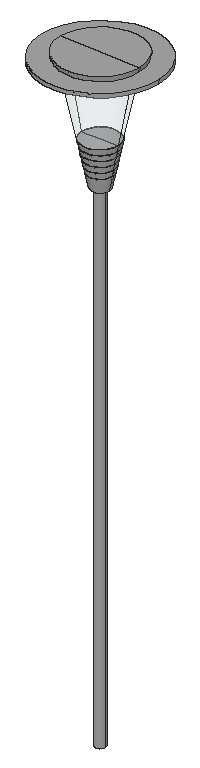
Revit family "Ray 680D-I LED - Generic", category Lighting Fixtures, Revit 2014
Parameters (values of type "Ray 680 D/I LED")
  Wattage Comments = ""
  WarrantyGuarantorParts = "n/a"
  WarrantyDurationParts = "n/a"
  WarrantyDescription = "n/a"
  Visible [instance] = yes
  Version = "v.1.0"
  Uniclass2 = "Pr_70_70_49_43 Light-Emitting Diode (LED) Luminaires"
  Uniclass 1.4 = "JY73"
  URL = "http://riegens.com/ray-680-di-led-0"
  Type Mark = ""
  TotalWattage = "Max. 28W / 41W"
  TagNumber = "n/a"
  Switch ID [instance] = ""
  SustainabilityPerformance = "n/a"
  SupplyCircuitConductorConnections = "n/a"
  Size = "Ø680 mm"
  Shape = "Circle"
  ProductInformation = "http://riegens.com/ray-680-di-led-0"
  PhotometricPerformance = "In accordance with BS EN 13032-1"
  PhaseReference = "IEC recommendations"
  Panel [instance] = ""
  Optic = "Clear front and opal centre diffuser"
  OmniClass Title = "Lighting"
  OmniClass Number = "23.80.70.00"
  Offset from floor = 2900 mm
  NominalVoltage = "220-240V"
  Moves With Nearby Elements [instance] = no
  ModelReference = "Ray 680 D/I LED"
  Model = "Ray 680 D/I LED"
  Material = "Aluminium and PC"
  Mark [instance] = "1"
  ManufacturersSpecificInformation = "n/a"
  ManufacturerURL = "www.riegens.com"
  Manufacturer = "Riegens A/S"
  LuminaireType = "Outdoor Direct/Indirect LED Luminaire"
  LuminairePowerFactor = ">0,9"
  LightSource = "LED 3000K"
  LightFixturePlacingType = "Pole / Wall"
  LightFixtureMountingType = "Pole_top / Wall"
  Light Source Symbol Size = 609.6 mm
  Light Source Definition (family) = "Point+Spherical"
  LampType = "LED"
  LampRating = "28W / 40W"
  LampColourRenderingIndex = "Ra>80"
  Lamp = ""
  InternalFuse = "Only required in emergency versions"
  InsulationStandardClass = "Class 1 / Class 2"
  IfcExportType = "NOTDEFINED'"
  IfcExportAs = "IfcLightFixtureType'"
  IP_Code = "IP65"
  Host [instance] = "None"
  Height 1 = 703 mm
  HasProtectiveEarth = "TRUE"
  Grade = "n/a"
  Finish = "Powder coated"
  Features = "n/a"
  Electrical Data [instance] = ""
  Documentation = "See URL hyperlink"
  DocumentReference = "See URL hyperlink"
  Diameter 2 = 108 mm
  Diameter 1 = 680 mm
  Description = "70-80-35 General Lighting Systems"
  ControlGearPosition = "Integrated "
  Constituents = "n/a"
  Comments [instance] = ""
  Colour = "Grey"
  built-in parameter 1114216 [instance] = (empty or 0)
  CodePerformance = "n/a"
  Circuit Number [instance] = ""
  built-in parameter 1140040 [instance] = (empty or 0)
  CCSTopnode = "L"
  CCSClassName = "Belysningsarmatur"
  CCSClassCode = "UAC"
  BarCode = "n/a"
  BallastsCELMAEnergyEfficiencyIndex = "Class A1/A2"
  BSAB 96 = "SNB.2"
  BIMObjectName = "Ray 680 D/I LED.rfa"
  Author = "3dbyggeri"
  AssetType = "Moveable/Fixed"
  AssetIdentifier = "n/a"
  Assembly Description = ""
  Assembly Code = ""
  ArticleNumber = "See URL hyperlink"
  Apparent Load = 240 VA
  AccessibilityPerformance = "n/a"
Reference planes
  plane 1 "Center (Front/Back)": y = 0
  plane 2: z = 0
  plane 3 "Center (Left/Right)": x = 0
Dimensions and locks
  aligned and locked: level to plane 2
Nested families
  nested 1: "Ray 680D-I LED-Dummy" at (0, 0, 0), type "Standard"
Definition of nested family "Ray 680D-I LED-Dummy"
  Parameters (values of type "Standard")
    Wattage = 40 W
    built-in parameter 1150110 = 1 (stored number, unit not read)
    URL = ""
    built-in parameter 1114217 = 1 (stored number, unit not read)
    Tilt Angle = 90.00°
    built-in parameter 1150109 = 1 (stored number, unit not read)
    built-in parameter 1150134 = (empty or 0)
    built-in parameter 1150113 = 1 (stored number, unit not read)
    PhotometricPerformance = "In accordance with BS EN 13032-1"
    Photometric Web File = "RAY 680 DI 40W 3000K Clear Opal LED ClassII.ies"
    Optic = "Clear front and opal centre diffuser"
    Offset from floor = 2900 mm
    Model = ""
    Material = "Aluminium and PC"
    Manufacturer = ""
    Lumens = 2960 lm
    built-in parameter 1150115 = 1 (stored number, unit not read)
    built-in parameter 1150105 = 235.55 (stored number, unit not read)
    LightSource = "LED 3000K"
    built-in parameter 1150137 = (empty or 0)
    built-in parameter 1150139 = (empty or 0)
    LampColourRenderingIndex = "Ra>80"
    built-in parameter 1150112 = 1 (stored number, unit not read)
    built-in parameter 1150114 = 1 (stored number, unit not read)
    built-in parameter 1150132 = (empty or 0)
    built-in parameter 1150102 = (empty or 0)
    built-in parameter 1150138 = (empty or 0)
    built-in parameter 1150107 = 3000 (stored number, unit not read)
    built-in parameter 1150106 = 2.3555 (stored number, unit not read)
    Height 1 = 703 mm
    Frame = Riegens_Aluminum_powder coated grey
    Finish = "Powder coated"
    built-in parameter 1150104 = 6.8748 (stored number, unit not read)
    Dimming Lamp Color Temperature Shift = (empty or 0)
    Diameter 2 = 108 mm
    Diameter 1 = 680 mm
    Description = ""
    Colour = "Grey"
    Color Filter = 16777215
    built-in parameter 1114218 = 1 (stored number, unit not read)
    built-in parameter 1150133 = 10 (stored number, unit not read)
    Apparent Load = 240 VA
  Reference planes
    plane 1 "Light Source Axis (F/B)": y = 0
    plane 2: z = 0
    plane 3 "Light Source Axis (L/R)": x = 0
    plane 4 "Light Source Elevation": z = 3241.152
    plane 5 "UK": z = 2900
    plane 6: z = 3151
    plane 7: z = 3555.9
    plane 8: z = 3576
    plane 9: z = 3603
    plane 10: x = 54
    plane 11: x = -54
    plane 12: x = 340
    plane 13: x = -340
  Forms (mm)
    Revolve 1, solid, material "Riegens_Aluminum_powder coated grey" <- "Frame"
      sketch origin (0, 0, 0) x (1, 0, 0) y (0, 0, 1)
        loop
          line (0, 2900) -> (53.362, 2900) -> (69.942, 2978) -> (67.942, 2978) -> (67.942, 2983) -> (71.005, 2983) -> (77.381, 3013) -> (75.381, 3013) -> (75.381, 3018) -> (78.444, 3018) -> (84.821, 3048) -> (82.821, 3048) -> (82.821, 3053) -> (85.883, 3053) -> (92.26, 3083) -> (90.26, 3083) -> (90.26, 3088) -> (93.323, 3088) -> (99.062, 3116) -> (97.7, 3116) -> (97.7, 3121) -> (100.125, 3121) -> (106.501, 3151) -> (0, 3151) -> (0, 2900)
        axis (0, 3151) -> (0, 2900)
      angle from 0 to 360
    Extrusion 2, solid, material "Riegens_Aluminum_powder coated grey" <- "Frame"
      sketch origin (0, 0, 0) x (1, 0, 0) y (0, 1, 0)
        loop
          circle (0, 0) r 340
      from 3555.9 to 3576
    Revolve 3, solid, material "Riegens_Aluminum_powder coated grey" <- "Frame"
      sketch origin (0, 0, 0) x (1, 0, 0) y (0, 0, 1)
        loop
          line (0, 3603) -> (0, 3576) -> (225.026, 3576) -> (231.403, 3603) -> (0, 3603)
        axis (0, 3603) -> (0, 3576)
      angle from 0 to 360
    Revolve 4, solid, material "Riegens_Glass_opal"
      sketch origin (0, 0, 0) x (1, 0, 0) y (0, 0, 1)
        loop
          line (0, 3555.9) -> (0, 3151) -> (106.978, 3151) -> (193.385, 3555.9) -> (0, 3555.9)
        axis (0, 3151) -> (0, 3555.9)
      angle from 0 to 360
  Dimensions and locks
    equal spacing: plane 10, plane 3 "Light Source Axis (L/R)", plane 11
    "Diameter 2": plane 10 to plane 11
    "Diameter 1": plane 12 to plane 13
    equal spacing: plane 12, plane 3 "Light Source Axis (L/R)", plane 13
    locked: plane 9 to plane 8 at 27
    locked: plane 8 to plane 7 at 20.1
    "Height 1": plane 9 to plane 5 "UK"
    locked: plane 9 to plane 4 "Light Source Elevation" at 361.848
    locked: plane 9 to plane 6 at 452
    "Offset from floor": plane 5 "UK" to plane 2
    aligned and locked: plane 3 "Light Source Axis (L/R)" to imposter light
    aligned and locked: imposter light to plane 1 "Light Source Axis (F/B)"
    aligned and locked: plane 4 "Light Source Elevation" to imposter light
    aligned and locked: level to plane 2
    aligned and locked: Revolve 1 sketch curve to plane 5 "UK"
    aligned and locked: plane 3 "Light Source Axis (L/R)" to Revolve 1 sketch curve
    aligned and locked: plane 6 to Revolve 1 sketch curve
    aligned and locked: Extrusion 2 to plane 8
    aligned and locked: plane 7 to Extrusion 2
    aligned and locked: Revolve 3 sketch curve to plane 9
    aligned and locked: Revolve 3 sketch curve to Extrusion 2
    aligned and locked: Revolve 4 sketch curve to plane 6
    aligned and locked: plane 7 to Revolve 4 sketch curve
    aligned and locked: plane 3 "Light Source Axis (L/R)" to Revolve 4 sketch curve
  Automatic sketch dimensions
    Revolve 1 sketch curve to plane 3 "Light Source Axis (L/R)" = 0 mm
    plane 10 to Revolve 1 sketch curve = 13.942 mm
    Revolve 1 sketch curve to Revolve 1 sketch curve = 2 mm  (x4)
    Revolve 1 sketch curve to Revolve 1 sketch curve = 3.063 mm  (x4)
    plane 10 to Revolve 1 sketch curve = 21.381 mm
    plane 10 to Revolve 1 sketch curve = 28.821 mm
    Revolve 1 sketch curve to Revolve 1 sketch curve = 4.377 mm  (x2)
    plane 6 to Revolve 1 sketch curve = 35 mm
    plane 6 to Revolve 1 sketch curve = 30 mm
    plane 5 "UK" to Revolve 1 sketch curve = 200 mm
    Revolve 1 sketch curve to plane 9 = 80 mm
    plane 1 "Light Source Axis (F/B)" to Extrusion 2 sketch curve = 0 mm
    Extrusion 2 sketch curve to plane 3 "Light Source Axis (L/R)" = 0 mm
    Revolve 3 sketch curve to plane 3 "Light Source Axis (L/R)" = 0 mm  (x2)
    Revolve 3 sketch curve to plane 12 = 114.974 mm
    Revolve 3 sketch curve to Revolve 3 sketch curve = 6.377 mm
    plane 7 to Revolve 3 sketch curve = 58.185 mm
    Revolve 3 sketch curve to Revolve 3 sketch curve = 131.715 mm
    Revolve 1 sketch curve to plane 10 = 0.638 mm
    Revolve 1 sketch curve to Revolve 1 sketch curve = 1.362 mm
    Revolve 1 sketch curve to Revolve 1 sketch curve = 2.425 mm
    Revolve 1 sketch curve to Revolve 1 sketch curve = 6.377 mm
    Revolve 1 sketch curve to plane 5 "UK" = 78 mm
    Revolve 1 sketch curve to Revolve 1 sketch curve = 5 mm  (x4)
    Revolve 1 sketch curve to Revolve 1 sketch curve = 30 mm  (x3)
    Revolve 4 sketch curve to plane 3 "Light Source Axis (L/R)" = 0 mm
    plane 10 to Revolve 4 sketch curve = 52.978 mm
    plane 10 to Revolve 4 sketch curve = 139.385 mm
    plane 5 "UK" to Revolve 4 sketch curve = 180 mm
    Revolve 4 sketch curve to plane 9 = 538 mm
    radius of Extrusion 2 sketch curve = 340 mm
  Nested families
    nested 1: "Mast" at (0, 0, 0), type "Mast"
  Connectors
    electrical at (0, 0, 2900)
      settings: index 1, voltage 0 V, apparent load 0 VA, apparent load phase1 0 VA, apparent load phase2 0 VA, apparent load phase3 0 VA, power factor 1, load classification "Other", number of poles 1, system type 31, power factor state 1, is connector primary yes, connector utility no, sub classification motor no, connector description ""
  Definition of nested family "Mast"
    Parameters (values of type "Mast")
      Offset from floor = 2900 mm
      Frame = Riegens_Aluminum_powder coated grey
      Diameter 1 = 60 mm
    Reference planes
      plane 1 "Center (Front/Back)": y = 0
      plane 2: z = 0
      plane 3 "Center (Left/Right)": x = 0
      plane 4: y = 60
      plane 5: y = -60
      plane 6: x = -60
      plane 7: x = 60
    Forms (mm)
      Extrusion 1, solid, material "Riegens_Aluminum_powder coated grey"
        sketch origin (0.006, 0.002, 0) x (1, 0, 0) y (0, 1, 0)
          loop
            circle (0, 0) r 30
        from 0 to 2900
    Dimensions and locks
      "Offset from floor": Extrusion 1 to level
      "Diameter 1": diameter of Extrusion 1
      aligned and locked: level to plane 2
      aligned and locked: Extrusion 1 to level
